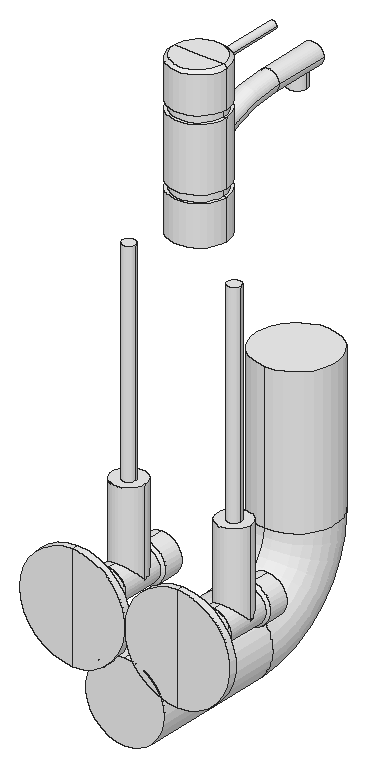
Revit family
Parameters (values of type "Default")
  VVS Number = "623075000"
  URL = "www.maxsibbern.dk"
  Supply Pipe Radius = 5 mm
  Sink Material = Ifö_Porcelain
  Return Pipe Radius = 30 mm
  Reseller = "Max Sibbern A/S"
  Pipes Visible = yes
  Pipe & Fittings = Ifö_Chrome
  Model = "Ifö Sink"
  Manufacturer = "Ifö"
  Ifö Number = "85022"
  Fixture Visible = yes
  Fixture = Ifö_Chrome
  Elevation Top = 870 mm
  Connectors Vertical Placement = 620 mm
  Connector_Out V distance = 50 mm
  Connector_In V distance = 0 mm
  Connector_In H distance = 40 mm
  CE Labeling = "yes"
  Assembly Code = "D2010"
Reference planes
  plane 1 "Wall": y = 0
  plane 2 "Center (Left/Right)": x = 125
  plane 3 "Back": y = 50
  plane 4: z = 620
  plane 5 "Connectors": y = 50
  plane 6 "IN V": z = 620
  plane 7 "Out V": z = 570
  plane 8: x = 85
  plane 9: x = 165
  plane 10: y = 60
  plane 11 "Recomended Floor Placement": z = 0
  plane 12: z = 870
  plane 13: z = 845
  plane 14: z = 740
  plane 15: y = 212.444
  plane 16: z = 850
  plane 17: y = 103.444
  plane 18: z = 850
  plane 19: z = 620
  plane 20: z = 859.576
  plane 21: z = 860.715
Forms (mm)
  Extrusion 1, solid, material "Ifö_Chrome" <- "Pipe & Fittings", visible <- "Pipes Visible"
    sketch origin (560.534, 225, 620) x (1, 0, 0) y (0, 1, 0)
      loop
        circle (-395.534, -121.556) r 12.5
    from 0 to 65
  Extrusion 2, solid, material "Ifö_Chrome" <- "Pipe & Fittings", visible <- "Pipes Visible"
    sketch origin (560.534, 225, 685) x (1, 0, 0) y (0, 1, 0)
      loop
        circle (-395.534, -121.556) r 5
    from 0 to 160
  Extrusion 3, solid, material "Ifö_Chrome" <- "Pipe & Fittings", visible <- "Pipes Visible"
    sketch origin (560.534, 225, 620) x (1, 0, 0) y (0, 1, 0)
      loop
        circle (-475.534, -121.556) r 12.5
    from 0 to 65
  Extrusion 4, solid, material "Ifö_Chrome" <- "Pipe & Fittings", visible <- "Pipes Visible"
    sketch origin (560.534, 225, 685) x (1, 0, 0) y (0, 1, 0)
      loop
        circle (-475.534, -121.556) r 5
    from 0 to 160
  Sweep 5, solid, material "Ifö_Chrome" <- "Pipe & Fittings", visible <- "Pipes Visible"
    path origin (125, 0, 0) x (0, 1, 0) y (0, 0, 1)
      loop
        line (212.444, 740) -> (212.444, 629.947)
        arc (212.444, 629.947) -> (194.886, 587.558) -> (152.497, 570) r 59.947
        line (152.497, 570) -> (50, 570)
    profile origin (125, 101.249, 570) x (0, 0, -1) y (1, 0, 0)
      loop
        circle (0, 0) r 30
  Revolve 6, solid, material "Ifö_Chrome" <- "Pipe & Fittings", visible <- "Pipes Visible"
    sketch origin (85, 225, 546.792) x (0, 0, 1) y (0, 1, 0)
      loop
        line (73.208, -175) -> (73.208, -86.556) -> (67.802, -86.556) -> (58.405, -89.976) -> (58.405, -104.976) -> (60.678, -107.249) -> (60.678, -141.189) -> (58.405, -143.463) -> (58.405, -160.829) -> (33.208, -170) -> (33.208, -175) -> (73.208, -175)
      axis (73.208, -175) -> (73.208, -86.556)
    angle from 0 to 360
  Revolve 7, solid, material "Ifö_Chrome" <- "Pipe & Fittings", visible <- "Pipes Visible"
    sketch origin (165, 225, 546.792) x (0, 0, 1) y (0, 1, 0)
      loop
        line (73.208, -175) -> (73.208, -86.556) -> (67.802, -86.556) -> (58.405, -89.976) -> (58.405, -104.976) -> (60.678, -107.249) -> (60.678, -141.189) -> (58.405, -143.463) -> (58.405, -160.829) -> (33.208, -170) -> (33.208, -175) -> (73.208, -175)
      axis (73.208, -175) -> (73.208, -86.556)
    angle from 0 to 360
Lines and regions (mm)
  Masking region 1, visible <- "Pipes Visible"
    outline origin (-1104.869, 50, 1200) x (-1, 0, 0) y (0, 0, -1)
      loop
        line (-1177.369, 515) -> (-1177.369, 542.003)
        arc (-1177.369, 542.003) -> (-1150.373, 586.33) -> (-1189.869, 620) r 40
        arc (-1189.869, 620) -> (-1229.365, 586.33) -> (-1202.369, 542.003) r 40
        line (-1202.369, 542.003) -> (-1202.369, 515) -> (-1194.869, 515) -> (-1194.869, 458.2) -> (-1184.869, 458.2) -> (-1184.869, 515) -> (-1177.369, 515)
  Masking region 2, visible <- "Fixture Visible"
    outline origin (125, 0, 0) x (0, 1, 0) y (0, 0, 1)
      loop
        line (99, 869.576) -> (141, 869.576) -> (141, 912.962)
        arc (141, 912.962) -> (162.895, 922.032) -> (186.391, 925.125) r 90.783
        line (186.391, 925.125) -> (228.455, 925.125) -> (228.455, 941.125) -> (184.854, 941.125)
        arc (184.854, 941.125) -> (162.35, 938.561) -> (141, 931.001) r 100.038
        line (141, 931.001) -> (141, 966.32) -> (190, 966.32) -> (190, 972.157) -> (141, 972.157) -> (141, 980) -> (99, 980) -> (99, 869.576)
  Masking region 3, visible <- "Pipes Visible"
    outline origin (125, 0, 0) x (0, 1, 0) y (0, 0, 1)
      loop
        line (182.444, 740) -> (182.444, 629.947)
        arc (182.444, 629.947) -> (173.673, 608.771) -> (152.497, 600) r 29.947
        line (152.497, 600) -> (50, 600) -> (50, 540) -> (157.497, 540)
        arc (157.497, 540) -> (217.564, 564.88) -> (242.444, 624.947) r 84.947
        line (242.444, 624.947) -> (242.444, 740) -> (182.444, 740)
  Masking region 4, not visible
    outline origin (1354.869, 75, 1200) x (1, 0, 0) y (0, 0, 1)
      loop
        line (-979.879, -340.715) -> (-1479.859, -340.715)
        arc (-1479.859, -340.715) -> (-1476.327, -395.666) -> (-1467.389, -450) r 557.093
        line (-1467.389, -450) -> (-1341.659, -450)
        arc (-1341.659, -450) -> (-1319.416, -463.047) -> (-1294.156, -468.235) r 78.985
        arc (-1294.156, -468.235) -> (-1262.038, -470.148) -> (-1229.869, -470.715) r 768.32
        arc (-1229.869, -470.715) -> (-1197.699, -470.148) -> (-1165.581, -468.235) r 768.32
        arc (-1165.581, -468.235) -> (-1140.321, -463.047) -> (-1118.078, -450) r 78.985
        line (-1118.078, -450) -> (-992.349, -450)
        arc (-992.349, -450) -> (-983.41, -395.666) -> (-979.879, -340.715) r 557.093
  Masking region 5, not visible
    outline origin (125, 0, 0) x (0, 1, 0) y (0, 0, 1)
      loop
        line (100, 860) -> (100, 750.15) -> (188.662, 750.15)
        arc (188.662, 750.15) -> (192.752, 740.445) -> (200.291, 733.091) r 26.574
        arc (200.291, 733.091) -> (211.073, 731.093) -> (222.018, 730.424) r 89.81
        line (222.018, 730.424) -> (339.146, 730.424)
        arc (339.146, 730.424) -> (361.483, 735.952) -> (379.592, 750.15) r 54.892
        line (379.592, 750.15) -> (461.354, 750.15)
        arc (461.354, 750.15) -> (468.647, 753.318) -> (472.198, 760.432) r 11.624
        arc (472.198, 760.432) -> (476.47, 802.108) -> (479.763, 843.872) r 1785.073
        arc (479.763, 843.872) -> (478.695, 854.814) -> (469, 860) r 11.655
        line (469, 860) -> (100, 860)
  Masking region 6, visible <- "Pipes Visible"
    outline origin (1354.869, 50, 1200) x (1, 0, 0) y (0, 0, 1)
      loop
        line (-1177.369, -515) -> (-1184.869, -515) -> (-1184.869, -458.2) -> (-1194.869, -458.2) -> (-1194.869, -515) -> (-1202.369, -515) -> (-1202.369, -542.003)
        arc (-1202.369, -542.003) -> (-1229.365, -586.33) -> (-1189.869, -620) r 40
        arc (-1189.869, -620) -> (-1150.373, -586.33) -> (-1177.369, -542.003) r 40
        line (-1177.369, -542.003) -> (-1177.369, -515)
  Masking region 7, visible <- "Pipes Visible"
    outline origin (125, 0, 0) x (0, 1, 0) y (0, 0, 1)
      loop
        line (138.444, 634.803) -> (115.944, 634.803) -> (115.944, 685) -> (108.444, 685) -> (108.444, 759.727) -> (98.444, 759.727) -> (98.444, 685) -> (90.944, 685) -> (90.944, 634.803) -> (50, 634.803) -> (50, 605.197) -> (138.444, 605.197) -> (138.444, 634.803)
  Masking region 8
    outline origin (0, -75, 0) x (1, 0, 0) y (0, 1, 0)
      loop
        arc (360.61, 125) -> (369.829, 128.819) -> (373.648, 138.038) r 13.038
        line (373.648, 138.038) -> (373.648, 425.412)
        arc (373.648, 425.412) -> (370.254, 455.327) -> (360.715, 483.882) r 144.011
        arc (360.715, 483.882) -> (331.745, 497.7) -> (300, 502.444) r 108.576
        line (300, 502.444) -> (-50, 502.444)
        arc (-50, 502.444) -> (-81.745, 497.7) -> (-110.715, 483.882) r 108.576
        arc (-110.715, 483.882) -> (-120.254, 455.327) -> (-123.648, 425.412) r 144.011
        line (-123.648, 425.412) -> (-123.648, 138.038)
        arc (-123.648, 138.038) -> (-119.829, 128.819) -> (-110.61, 125) r 13.038
        line (-110.61, 125) -> (360.61, 125)
  Masking region 9, not visible
    outline origin (0, 0, 0) x (1, 0, 0) y (0, 1, 0)
      loop
        arc (360.61, 125) -> (369.829, 128.819) -> (373.648, 138.038) r 13.038
        line (373.648, 138.038) -> (373.648, 425.412)
        arc (373.648, 425.412) -> (370.254, 455.327) -> (360.715, 483.882) r 144.011
        arc (360.715, 483.882) -> (331.745, 497.7) -> (300, 502.444) r 108.576
        line (300, 502.444) -> (-50, 502.444)
        arc (-50, 502.444) -> (-81.745, 497.7) -> (-110.715, 483.882) r 108.576
        arc (-110.715, 483.882) -> (-120.254, 455.327) -> (-123.648, 425.412) r 144.011
        line (-123.648, 425.412) -> (-123.648, 138.038)
        arc (-123.648, 138.038) -> (-119.829, 128.819) -> (-110.61, 125) r 13.038
        line (-110.61, 125) -> (360.61, 125)
  Masking region 10
    outline origin (125, -50, 9.576) x (0, 1, 0) y (0, 0, 1)
      loop
        line (100, 860) -> (100, 750.15) -> (188.662, 750.15)
        arc (188.662, 750.15) -> (192.752, 740.445) -> (200.291, 733.091) r 26.574
        arc (200.291, 733.091) -> (211.073, 731.093) -> (222.018, 730.424) r 89.81
        line (222.018, 730.424) -> (339.146, 730.424)
        arc (339.146, 730.424) -> (361.483, 735.952) -> (379.592, 750.15) r 54.892
        line (379.592, 750.15) -> (461.354, 750.15)
        arc (461.354, 750.15) -> (468.647, 753.318) -> (472.198, 760.432) r 11.624
        arc (472.198, 760.432) -> (476.47, 802.108) -> (479.763, 843.872) r 1785.073
        arc (479.763, 843.872) -> (478.695, 854.814) -> (469, 860) r 11.655
        line (469, 860) -> (100, 860)
  Masking region 11
    outline origin (1354.869, 75, 1210.715) x (1, 0, 0) y (0, 0, 1)
      loop
        line (-979.879, -340.715) -> (-1479.859, -340.715)
        arc (-1479.859, -340.715) -> (-1476.327, -395.666) -> (-1467.389, -450) r 557.093
        line (-1467.389, -450) -> (-1341.659, -450)
        arc (-1341.659, -450) -> (-1319.416, -463.047) -> (-1294.156, -468.235) r 78.985
        arc (-1294.156, -468.235) -> (-1262.038, -470.148) -> (-1229.869, -470.715) r 768.32
        arc (-1229.869, -470.715) -> (-1197.699, -470.148) -> (-1165.581, -468.235) r 768.32
        arc (-1165.581, -468.235) -> (-1140.321, -463.047) -> (-1118.078, -450) r 78.985
        line (-1118.078, -450) -> (-992.349, -450)
        arc (-992.349, -450) -> (-983.41, -395.666) -> (-979.879, -340.715) r 557.093
  Masking region 12, visible <- "Fixture Visible"
    outline origin (-1775, 60, 1200) x (-1, 0, 0) y (0, 0, 1)
      loop
        line (-1921, -330) -> (-1879, -330) -> (-1879, -220) -> (-1921, -220) -> (-1921, -330)
  Masking region 13, visible <- "Pipes Visible"
    outline origin (-1775, 60, 1200) x (-1, 0, 0) y (0, 0, 1)
      loop
        line (-1930, -460) -> (-1930, -630)
        arc (-1930, -630) -> (-1900, -660) -> (-1870, -630) r 30
        line (-1870, -630) -> (-1870, -460) -> (-1930, -460)
  symbolic lines, visible <- "Fixture Visible"
    curve 1: circle (125, 50, 940) r 15 normal (0, -1, 0)
  symbolic lines, visible <- "Pipes Visible"
    curve 2: line (177.5, 50, 657.997) -> (177.5, 50, 620)
    curve 3: line (152.5, 50, 657.997) -> (152.5, 50, 620)
    curve 4: arc (152.5, 50, 620) -> (165, 50, 607.5) -> (177.5, 50, 620) r 12.5
    curve 5: line (97.5, 50, 657.997) -> (97.5, 50, 620)
    curve 6: line (72.5, 50, 657.997) -> (72.5, 50, 620)
    curve 7: arc (72.5, 50, 620) -> (85, 50, 607.5) -> (97.5, 50, 620) r 12.5
  symbolic lines, not visible
    curve 8: line (125, 379.592, 750.15) -> (125, 188.662, 750.15)
    curve 10: line (-81.903, 215.858, 0) -> (331.903, 215.858, 0)
    curve 22: line (-96.045, 370.548, 0) -> (-96.045, 230, 0)
    curve 23: arc (-96.045, 230, 0) -> (-91.903, 220, 0) -> (-81.903, 215.858, 0) r 14.142
    curve 24: arc (-10, 474.625, 0) -> (-40.707, 472.747, 0) -> (-70.956, 467.141, 0) r 251.964
    curve 25: arc (-70.956, 467.141, 0) -> (-86.096, 453.126, 0) -> (-92.741, 433.594, 0) r 42.019
    curve 26: arc (-92.741, 433.594, 0) -> (-94.827, 402.094, 0) -> (-96.045, 370.548, 0) r 1147.027
    curve 27: line (346.045, 370.548, 0) -> (346.045, 230, 0)
    curve 28: arc (346.045, 230, 0) -> (341.903, 220, 0) -> (331.903, 215.858, 0) r 14.142
    curve 29: arc (260, 474.625, 0) -> (290.707, 472.747, 0) -> (320.956, 467.141, 0) r 251.964
    curve 30: arc (320.956, 467.141, 0) -> (336.096, 453.126, 0) -> (342.741, 433.594, 0) r 42.019
    curve 31: arc (342.741, 433.594, 0) -> (344.827, 402.094, 0) -> (346.045, 370.548, 0) r 1147.027
    curve 32: line (-10, 474.625, 0) -> (260, 474.625, 0)
  symbolic lines
    curve 9: line (-81.903, 140.858, 0) -> (331.903, 140.858, 0)
    curve 11: line (-96.045, 295.548, 0) -> (-96.045, 155, 0)
    curve 12: arc (-96.045, 155, 0) -> (-91.903, 145, 0) -> (-81.903, 140.858, 0) r 14.142
    curve 13: arc (-10, 399.625, 0) -> (-40.707, 397.747, 0) -> (-70.956, 392.141, 0) r 251.964
    curve 14: arc (-70.956, 392.141, 0) -> (-86.096, 378.126, 0) -> (-92.741, 358.594, 0) r 42.019
    curve 15: arc (-92.741, 358.594, 0) -> (-94.827, 327.094, 0) -> (-96.045, 295.548, 0) r 1147.027
    curve 16: line (346.045, 295.548, 0) -> (346.045, 155, 0)
    curve 17: arc (346.045, 155, 0) -> (341.903, 145, 0) -> (331.903, 140.858, 0) r 14.142
    curve 18: arc (260, 399.625, 0) -> (290.707, 397.747, 0) -> (320.956, 392.141, 0) r 251.964
    curve 19: arc (320.956, 392.141, 0) -> (336.096, 378.126, 0) -> (342.741, 358.594, 0) r 42.019
    curve 20: arc (342.741, 358.594, 0) -> (344.827, 327.094, 0) -> (346.045, 295.548, 0) r 1147.027
    curve 21: line (-10, 399.625, 0) -> (260, 399.625, 0)
    curve 33: circle (125, 212.444, 0) r 30 normal (0, 0, 1)
    curve 34: line (125, 329.592, 759.727) -> (125, 138.662, 759.727)
    curve 35: line (236.79, 60, 760.715) -> (13.21, 60, 760.715)
Text (mm)
  text "Placement Side" at (-1848.837, 1116.779, 0), in view "Ref. Level"
  text "Placement side" at (0, 1409.804, 2854.306), in view "Left"
  text "Placement side" at (0, 499.811, 2980.732), in view "Right"
Dimensions and locks
  locked: plane 3 "Back" to host wall
  locked: plane 3 "Back" to plane 5 "Connectors"
  "Connector_In H distance": connector elem to plane 2 "Center (Left/Right)"
  "Connector_In H distance": plane 2 "Center (Left/Right)" to connector elem
  locked: plane 6 "IN V" to connector elem at 0
  locked: plane 6 "IN V" to connector elem
  locked: plane 7 "Out V" to connector elem
  "Connector_Out V distance": plane 7 "Out V" to plane 19
  "Connector_In H distance": plane 2 "Center (Left/Right)" to plane 8
  "Connector_In H distance": plane 9 to plane 2 "Center (Left/Right)"
  "Elevation Top": plane 12 to level
  locked: plane 12 to plane 13 at 25
  level to plane 12 = 870 mm
  locked: plane 14 to Masking region 1 sketch curve at 1.8
  locked: plane 17 to host wall at 53.444
  locked: nested 1 to host wall at 70
  locked: plane 15 to plane 17 at 109
  locked: plane 13 to plane 14 at 105
  "Connector_In V distance": plane 4 to plane 19
  locked: plane 4 to plane 6 "IN V" at 0
  "Connectors Vertical Placement": level to plane 19
  locked: plane 3 "Back" to plane 10 at 10
  "Return Pipe Radius": radius of Sweep 5 sketch curve
  "Supply Pipe Radius": radius of Extrusion 4 sketch curve
  "Supply Pipe Radius": radius of Extrusion 2 sketch curve
  aligned and locked: plane 1 "Wall" to host wall
  aligned and locked: plane 13 to Extrusion 2
  aligned and locked: Extrusion 4 to Extrusion 2
  aligned and locked: plane 7 "Out V" to Sweep 5 sketch curve
  aligned and locked: plane 5 "Connectors" to Sweep 5 sketch curve
  aligned and locked: Sweep 5 sketch curve to plane 15
  aligned and locked: plane 14 to Sweep 5 sketch curve
  aligned and locked: Masking region 3 sketch curve to Sweep 5  (x2)
  aligned and locked: curve 5 to Masking region 1  (x2)
  aligned and locked: curve 6 to Masking region 1
  aligned and locked: Masking region 1 to curve 6
  aligned and locked: plane 9 to Extrusion 2 sketch curve
  aligned and locked: plane 8 to Extrusion 4 sketch curve
  aligned and locked: plane 17 to Extrusion 3 sketch curve
  aligned and locked: plane 17 to Extrusion 4 sketch curve
  aligned and locked: plane 17 to Extrusion 1 sketch curve
  aligned and locked: plane 17 to Extrusion 2 sketch curve
  aligned and locked: host wall to Revolve 6
  aligned and locked: Masking region 1 sketch curve to Revolve 6
  aligned and locked: Masking region 6 sketch curve to Revolve 7
  aligned and locked: Masking region 7 sketch curve to Revolve 6
  aligned and locked: Masking region 7 sketch curve to Extrusion 3
  aligned and locked: host wall to Masking region 7 sketch curve
  aligned and locked: Masking region 8 to host wall
  aligned and locked: curve 8 to Masking region 5
  aligned and locked: curve 34 to Masking region 10
  aligned and locked: host wall to Masking region 10
  aligned and locked: plane 14 to Masking region 11
  aligned and locked: plane 14 to Masking region 10
  aligned and locked: plane 12 to nested 1
  aligned and locked: Masking region 13 sketch curve to plane 14
  aligned and locked: Masking region 10 to Masking region 7 sketch curve
  aligned and locked: Masking region 2 sketch curve to Masking region 10
  aligned and locked: import instance to plane 2 "Center (Left/Right)"
  aligned and locked: import instance to plane 10
Automatic sketch dimensions
  Masking region 8 sketch curve to Masking region 8 sketch curve = 12.933 mm  (x2)
  Masking region 8 sketch curve to Masking region 8 sketch curve = 13.038 mm
  Masking region 8 sketch curve to Masking region 8 sketch curve = 60.715 mm  (x2)
  Masking region 8 sketch curve to Masking region 8 sketch curve = 70.358 mm  (x2)
  Masking region 8 sketch curve to Masking region 8 sketch curve = 209.284 mm
  Masking region 8 sketch curve to Masking region 8 sketch curve = 60.61 mm
  Masking region 8 sketch curve to Masking region 8 sketch curve = 255.831 mm
  Masking region 8 sketch curve to Masking region 8 sketch curve = 30.356 mm  (x2)
  Masking region 8 sketch curve to Masking region 8 sketch curve = 31.544 mm  (x2)
  Extrusion 1 sketch curve to plane 9 = 0 mm
  Extrusion 3 sketch curve to plane 8 = 0 mm
  plane 17 to Sweep 5 sketch curve = 49.053 mm
  curve 15 to curve 15 = 3.304 mm
  curve 14 to curve 15 = 0 mm
  curve 12 to curve 9 = 14.142 mm
  curve 14 to curve 14 = 21.786 mm
  curve 13 to curve 14 = 20.099 mm
  curve 14 to curve 21 = 40.856 mm
  curve 21 to curve 21 = 270 mm
  curve 21 to curve 19 = 40.856 mm
  curve 19 to curve 19 = 20.099 mm
  curve 18 to curve 17 = 71.903 mm
  curve 19 to curve 19 = 21.786 mm
  curve 20 to curve 19 = 0 mm
  curve 17 to curve 17 = 14.142 mm
  curve 16 to curve 15 = 704.583 mm
  curve 9 to curve 18 = 6.804 mm
  curve 12 to curve 13 = 6.804 mm
  curve 17 to curve 15 = 112.063 mm
  curve 11 to curve 20 = 112.063 mm
  curve 11 to curve 15 = 140.548 mm
  curve 16 to curve 16 = 140.548 mm
  Masking region 9 sketch curve to Masking region 9 sketch curve = 12.933 mm  (x2)
  Masking region 9 sketch curve to Masking region 9 sketch curve = 13.038 mm
  Masking region 9 sketch curve to Masking region 9 sketch curve = 60.715 mm  (x2)
  Masking region 9 sketch curve to Masking region 9 sketch curve = 70.358 mm  (x2)
  Masking region 9 sketch curve to Masking region 9 sketch curve = 209.284 mm
  Masking region 9 sketch curve to Masking region 9 sketch curve = 60.61 mm
  Masking region 9 sketch curve to Masking region 9 sketch curve = 255.831 mm
  Masking region 9 sketch curve to Masking region 9 sketch curve = 30.356 mm  (x2)
  Masking region 9 sketch curve to Masking region 9 sketch curve = 31.544 mm  (x2)
  curve 26 to curve 26 = 3.304 mm
  curve 25 to curve 26 = 0 mm
  curve 23 to curve 10 = 14.142 mm
  curve 25 to curve 25 = 21.786 mm
  curve 24 to curve 25 = 20.099 mm
  curve 25 to curve 32 = 40.856 mm
  curve 32 to curve 32 = 270 mm
  curve 32 to curve 30 = 40.856 mm
  curve 30 to curve 30 = 20.099 mm
  curve 29 to curve 28 = 71.903 mm
  curve 30 to curve 30 = 21.786 mm
  curve 31 to curve 30 = 0 mm
  curve 28 to curve 28 = 14.142 mm
  curve 27 to curve 26 = 704.583 mm
  curve 10 to curve 29 = 6.804 mm
  curve 23 to curve 24 = 6.804 mm
  curve 28 to curve 26 = 112.063 mm
  curve 22 to curve 31 = 112.063 mm
  curve 22 to curve 26 = 140.548 mm
  curve 27 to curve 27 = 140.548 mm
  plane 16 to Masking region 4 sketch curve = 17.492 mm  (x2)
  plane 16 to Masking region 4 sketch curve = 9.285 mm
  Masking region 4 sketch curve to Masking region 4 sketch curve = 57.053 mm
  Masking region 4 sketch curve to plane 16 = 100 mm
  Masking region 4 sketch curve to Masking region 4 sketch curve = 12.47 mm  (x2)
  Masking region 4 sketch curve to Masking region 4 sketch curve = 125.73 mm  (x2)
  Masking region 4 sketch curve to Masking region 4 sketch curve = 50.548 mm
  Masking region 4 sketch curve to Masking region 4 sketch curve = 5.088 mm
  Masking region 4 sketch curve to Masking region 4 sketch curve = 47.503 mm  (x2)
  Masking region 4 sketch curve to Masking region 4 sketch curve = 247.446 mm
  Masking region 4 sketch curve to Masking region 4 sketch curve = 64.287 mm  (x2)
  Masking region 4 sketch curve to Masking region 4 sketch curve = 61.242 mm
  Masking region 4 sketch curve to Masking region 4 sketch curve = 18.235 mm  (x2)
  Masking region 4 sketch curve to Masking region 4 sketch curve = 2.481 mm
  Sweep 5 sketch curve to plane 2 "Center (Left/Right)" = 0 mm
  Sweep 5 sketch curve to profile plane = 0 mm
  Masking region 1 sketch curve to Masking region 1 sketch curve = 0 mm  (x2)
  Masking region 1 sketch curve to plane 8 = 5 mm
  Masking region 1 sketch curve to Masking region 1 sketch curve = 7.5 mm
  plane 8 to Masking region 1 sketch curve = 5 mm
  plane 8 to Masking region 1 sketch curve = 12.5 mm
  Masking region 1 sketch curve to Masking region 1 sketch curve = 27.003 mm
  Masking region 2 sketch curve to plane 17 = 4.444 mm
  plane 17 to Masking region 2 sketch curve = 37.556 mm  (x2)
  Masking region 2 sketch curve to Masking region 2 sketch curve = 0 mm
  Masking region 2 sketch curve to plane 13 = 3.913 mm
  plane 15 to Masking region 2 sketch curve = 27.59 mm
  Masking region 2 sketch curve to Masking region 2 sketch curve = 1.537 mm
  plane 15 to Masking region 2 sketch curve = 22.444 mm
  Masking region 2 sketch curve to plane 15 = 16.01 mm
  Masking region 2 sketch curve to plane 13 = 10.658 mm
  Masking region 2 sketch curve to Masking region 2 sketch curve = 43.386 mm
  Masking region 2 sketch curve to Masking region 2 sketch curve = 18.038 mm
  Masking region 2 sketch curve to Masking region 2 sketch curve = 35.32 mm
  Masking region 2 sketch curve to Masking region 2 sketch curve = 5.837 mm
  Masking region 2 sketch curve to Masking region 2 sketch curve = 7.843 mm
  plane 7 "Out V" to Masking region 3 sketch curve = 30 mm
  plane 17 to Masking region 3 sketch curve = 49.053 mm
  Masking region 3 sketch curve to Masking region 3 sketch curve = 5 mm
  Masking region 3 sketch curve to Masking region 3 sketch curve = 24.947 mm
  Masking region 3 sketch curve to plane 15 = 30 mm
  Masking region 3 sketch curve to plane 7 "Out V" = 30 mm
  Revolve 6 sketch curve to host wall = 0 mm  (x2)
  Revolve 6 sketch curve to plane 4 = 0 mm  (x2)
  Revolve 6 sketch curve to Revolve 6 sketch curve = 5.406 mm
  Revolve 6 sketch curve to plane 4 = 12.53 mm
  Revolve 6 sketch curve to Revolve 6 sketch curve = 2.273 mm  (x3)
  Revolve 6 sketch curve to Revolve 6 sketch curve = 9.397 mm
  host wall to Revolve 6 sketch curve = 5 mm
  Revolve 6 sketch curve to Revolve 6 sketch curve = 25.197 mm
  plane 10 to Revolve 6 sketch curve = 4.171 mm
  Revolve 6 sketch curve to Revolve 6 sketch curve = 17.366 mm
  plane 17 to Revolve 6 sketch curve = 14.306 mm
  Revolve 6 sketch curve to Revolve 6 sketch curve = 15 mm
  Revolve 6 sketch curve to Revolve 6 sketch curve = 3.42 mm
  Revolve 6 sketch curve to Revolve 6 sketch curve = 0 mm
  Masking region 6 sketch curve to Masking region 6 sketch curve = 0 mm  (x2)
  plane 14 to Masking region 6 sketch curve = 1.8 mm
  plane 9 to Masking region 6 sketch curve = 5 mm
  Masking region 6 sketch curve to Masking region 6 sketch curve = 7.5 mm
  Masking region 6 sketch curve to plane 9 = 5 mm
  Masking region 6 sketch curve to plane 9 = 12.5 mm
  Masking region 6 sketch curve to Masking region 6 sketch curve = 27.003 mm
  Revolve 7 sketch curve to host wall = 0 mm  (x2)
  Revolve 7 sketch curve to plane 4 = 0 mm  (x2)
  Revolve 7 sketch curve to Revolve 7 sketch curve = 5.406 mm
  Revolve 7 sketch curve to plane 4 = 12.53 mm
  Revolve 7 sketch curve to Revolve 7 sketch curve = 2.273 mm  (x3)
  Revolve 7 sketch curve to Revolve 7 sketch curve = 9.397 mm
  host wall to Revolve 7 sketch curve = 5 mm
  Revolve 7 sketch curve to Revolve 7 sketch curve = 25.197 mm
  plane 10 to Revolve 7 sketch curve = 4.171 mm
  Revolve 7 sketch curve to Revolve 7 sketch curve = 17.366 mm
  plane 17 to Revolve 7 sketch curve = 14.306 mm
  Revolve 7 sketch curve to Revolve 7 sketch curve = 15 mm
  Revolve 7 sketch curve to Revolve 7 sketch curve = 3.42 mm
  Revolve 7 sketch curve to Revolve 7 sketch curve = 0 mm
  Masking region 7 sketch curve to plane 17 = 12.5 mm
  Masking region 7 sketch curve to plane 17 = 5 mm
  plane 17 to Masking region 7 sketch curve = 5 mm
  plane 17 to Masking region 7 sketch curve = 12.5 mm
  Masking region 7 sketch curve to Masking region 7 sketch curve = 0 mm
  plane 4 to Masking region 7 sketch curve = 14.803 mm  (x2)
  Masking region 7 sketch curve to plane 4 = 14.803 mm
  Masking region 5 sketch curve to plane 18 = 113.276 mm
  Masking region 5 sketch curve to plane 18 = 10 mm
  Masking region 5 sketch curve to Masking region 5 sketch curve = 1401.313 mm
  Masking region 5 sketch curve to Masking region 5 sketch curve = 11.629 mm
  Masking region 5 sketch curve to Masking region 5 sketch curve = 40.446 mm
  Masking region 5 sketch curve to Masking region 5 sketch curve = 131.58 mm
  Masking region 5 sketch curve to Masking region 5 sketch curve = 81.058 mm
  Masking region 5 sketch curve to Masking region 5 sketch curve = 0.705 mm
  plane 18 to Masking region 5 sketch curve = 1.655 mm
  Masking region 5 sketch curve to Masking region 5 sketch curve = 11.549 mm
  Masking region 5 sketch curve to Masking region 5 sketch curve = 0 mm
  plane 18 to Masking region 5 sketch curve = 6.128 mm
  Masking region 5 sketch curve to Masking region 5 sketch curve = 17.059 mm
  Masking region 5 sketch curve to Masking region 5 sketch curve = 88.662 mm
  Masking region 5 sketch curve to Masking region 5 sketch curve = 14.419 mm
  Masking region 5 sketch curve to Masking region 5 sketch curve = 21.727 mm
  plane 18 to Masking region 5 sketch curve = 64.711 mm
  Masking region 5 sketch curve to Masking region 5 sketch curve = 115.402 mm
  Masking region 5 sketch curve to Masking region 5 sketch curve = 1.726 mm
  Masking region 5 sketch curve to Masking region 5 sketch curve = 2.668 mm
  plane 18 to curve 8 = 99.85 mm
  curve 8 to curve 8 = 190.929 mm
  curve 33 to plane 2 "Center (Left/Right)" = 0 mm
  plane 15 to curve 33 = 0 mm
  Masking region 10 sketch curve to plane 20 = 113.276 mm
  Masking region 10 sketch curve to plane 20 = 10 mm
  Masking region 10 sketch curve to Masking region 10 sketch curve = 1401.313 mm
  Masking region 10 sketch curve to Masking region 10 sketch curve = 11.629 mm
  Masking region 10 sketch curve to Masking region 10 sketch curve = 40.446 mm
  Masking region 10 sketch curve to Masking region 10 sketch curve = 131.58 mm
  Masking region 10 sketch curve to Masking region 10 sketch curve = 81.058 mm
  Masking region 10 sketch curve to Masking region 10 sketch curve = 0.705 mm
  plane 20 to Masking region 10 sketch curve = 1.655 mm
  Masking region 10 sketch curve to Masking region 10 sketch curve = 11.549 mm
  Masking region 10 sketch curve to Masking region 10 sketch curve = 0 mm
  plane 20 to Masking region 10 sketch curve = 6.128 mm
  Masking region 10 sketch curve to Masking region 10 sketch curve = 17.059 mm
  Masking region 10 sketch curve to Masking region 10 sketch curve = 88.662 mm
  Masking region 10 sketch curve to Masking region 10 sketch curve = 14.419 mm
  Masking region 10 sketch curve to Masking region 10 sketch curve = 21.727 mm
  plane 20 to Masking region 10 sketch curve = 64.711 mm
  Masking region 10 sketch curve to Masking region 10 sketch curve = 115.402 mm
  Masking region 10 sketch curve to Masking region 10 sketch curve = 1.726 mm
  Masking region 10 sketch curve to Masking region 10 sketch curve = 2.668 mm
  plane 20 to curve 34 = 99.85 mm
  curve 34 to curve 34 = 190.929 mm
  plane 21 to Masking region 11 sketch curve = 17.492 mm  (x2)
  plane 21 to Masking region 11 sketch curve = 9.285 mm
  Masking region 11 sketch curve to Masking region 11 sketch curve = 57.053 mm
  Masking region 11 sketch curve to plane 21 = 100 mm
  Masking region 11 sketch curve to Masking region 11 sketch curve = 12.47 mm  (x2)
  Masking region 11 sketch curve to Masking region 11 sketch curve = 125.73 mm  (x2)
  Masking region 11 sketch curve to Masking region 11 sketch curve = 50.548 mm
  Masking region 11 sketch curve to Masking region 11 sketch curve = 5.088 mm
  Masking region 11 sketch curve to Masking region 11 sketch curve = 47.503 mm  (x2)
  Masking region 11 sketch curve to Masking region 11 sketch curve = 247.446 mm
  Masking region 11 sketch curve to Masking region 11 sketch curve = 64.287 mm  (x2)
  Masking region 11 sketch curve to Masking region 11 sketch curve = 61.242 mm
  Masking region 11 sketch curve to Masking region 11 sketch curve = 18.235 mm  (x2)
  Masking region 11 sketch curve to Masking region 11 sketch curve = 2.481 mm
  plane 2 "Center (Left/Right)" to Masking region 12 sketch curve = 21 mm
  Masking region 12 sketch curve to plane 2 "Center (Left/Right)" = 21 mm
  plane 12 to Masking region 12 sketch curve = 0 mm
  Masking region 12 sketch curve to Masking region 12 sketch curve = 110 mm
  curve 1 to plane 2 "Center (Left/Right)" = 0 mm
  curve 4 to plane 4 = 0 mm
  curve 4 to plane 9 = 0 mm
  curve 7 to plane 4 = 0 mm
  curve 4 to curve 4 = 12.5 mm
  plane 4 to curve 3 = 37.997 mm
  curve 2 to curve 3 = 0 mm
  plane 12 to curve 1 = 70 mm
  plane 14 to curve 35 = 20.715 mm
  curve 35 to plane 9 = 71.79 mm
  plane 8 to curve 35 = 71.79 mm
  Masking region 13 sketch curve to plane 7 "Out V" = 0 mm
  plane 9 to Masking region 13 sketch curve = 10 mm
  Masking region 13 sketch curve to plane 8 = 10 mm
  radius of Extrusion 1 sketch curve = 12.5 mm
  radius of Extrusion 3 sketch curve = 12.5 mm
  radius of curve 33 = 30 mm
  radius of curve 1 = 15 mm
Nested families
  nested 1: "Fixture" at (125, 120, 860) x (-1, 0, 0) z (0, 0, 1), visible <- "Fixture Visible", type "Fixture"
Connectors
  piping at (165, 50, 620), driven by "Supply Pipe Radius"
    settings: on plane 5 "Connectors", index 2, connector radius 5 mm, flow factor 0, pipe flow 0.0 L/s, pressure drop 0.0 Pa, fitting loss kfactor 0, connector angle 0.00°, fixture units 0, flow configuration 0, flow direction 1, fitting loss method 0, system type 19, connector reference index -1, connector utility 0, adjustable connector no, is connector primary no, fitting loss table "", connector description ""
  piping at (85, 50, 620), driven by "Supply Pipe Radius"
    settings: on plane 5 "Connectors", index 3, connector radius 5 mm, flow factor 0, pipe flow 0.0 L/s, pressure drop 0.0 Pa, fitting loss kfactor 0, connector angle 0.00°, fixture units 0, flow configuration 0, flow direction 1, fitting loss method 0, system type 20, connector reference index -1, connector utility 0, adjustable connector no, is connector primary yes, fitting loss table "", connector description ""
  piping at (125, 50, 570), driven by "Return Pipe Radius"
    settings: on plane 5 "Connectors", index 4, connector radius 30 mm, flow factor 0, pipe flow 0.0 L/s, pressure drop 0.0 Pa, fitting loss kfactor 0, connector angle 0.00°, fixture units 0, flow configuration 0, flow direction 0, fitting loss method 0, system type 16, connector reference index -1, connector utility 0, adjustable connector no, is connector primary no, fitting loss table "", connector description ""
Definition of nested family "Fixture"
  Parameters (values of type "Fixture")
    Fixture = Ifö_Chrome
    Assembly Code = ""
  Reference planes
    plane 1 "Center (Front/Back)": y = 0
    plane 2: z = 0
    plane 3 "Center (Left/Right)": x = 0
    plane 4: z = 10
    plane 5: z = 83.125
  Forms (mm)
    Revolve 1, solid, material "Ifö_Chrome" <- "Fixture"
      sketch origin (0, 0, 0) x (1, 0, 0) y (0, 0, 1)
        loop
          line (0, 0) -> (0, 120) -> (-18.6, 120) -> (-21, 117.6) -> (-21, 90) -> (-18.6, 90) -> (-18.6, 84) -> (-21, 84) -> (-21, 36) -> (-18.6, 36) -> (-18.6, 30) -> (-21, 30) -> (-21, 0) -> (0, 0)
        axis (0, 0) -> (0, 120)
      angle from 0 to 360
    Sweep 2, solid, material "Ifö_Chrome" <- "Fixture"
      path origin (0, 0, 0.625) x (0, 1, 0) y (0, 0, 1)
        loop
          line (0, 47.922) -> (-9.581, 54.63)
          arc (-9.581, 54.63) -> (-36.543, 67.927) -> (-66.256, 72.5) r 98.81
          line (-66.256, 72.5) -> (-108.455, 72.5)
      profile origin (0, -87.355, 73.125) x (0, 0, -1) y (1, 0, 0)
        loop
          circle (0, 0) r 8
    Extrusion 3, solid, material "Ifö_Chrome" <- "Fixture"
      sketch origin (0, 0, 17.5) x (1, 0, 0) y (0, 0, 1)
        loop
          circle (0, 91.82) r 3
      from 0 to 70
    Extrusion 4, solid, material "Ifö_Chrome" <- "Fixture"
      sketch origin (0, -104.375, 73.125) x (-1, 0, 0) y (0, 1, 0)
        loop
          circle (0, 10.772) r 7
      from 0 to 15
  Dimensions and locks
    aligned and locked: level to plane 2
